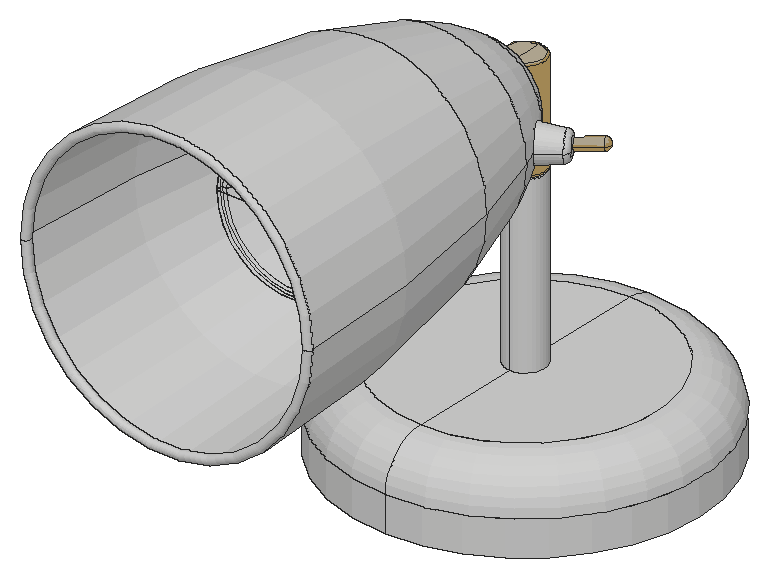
Revit family "Lighting_Wall-Mounted_Nordlux_Nexus_2.0", category Lighting Fixtures, host Face, Revit 2017
Family settings
  Host = Face
  Round Connector Dimension = Use Diameter
  Part Type = Normal
  OmniClass Number = 23.80.70.00
  OmniClass Title = Lighting
  Cut with Voids When Loaded = No
  Light Source = Yes
  Shared = No
  Room Calculation Point = No
Parameters (values of type "Nexus 2.0 Wall - white")
  Wattage = 1.34642 W
  WarrantyStartDate [instance] = "n/a"
  WarrantyGuarantorParts = "n/a"
  WarrantyGuarantorLabor = "n/a"
  WarrantyDurationUnit = "Hours"
  WarrantyDurationParts = "n/a"
  WarrantyDurationLabor = "n/a"
  WarrantyDescription = "n/a"
  built-in parameter 1150110 = 1 (stored number, unit not read)
  VersionDate = "01/07/2020"  # constant formula
  Version = "2"  # constant formula
  UsageCurrent = 0 A
  Uniclass2015Reference = "Pr_70_70_48_85"
  Uniclass2015Description = "Surface luminaires"
  Uniclass2 = "Pr_70_70_48_85"
  URL = "https://www.nordlux.com/products/product/2020601001"
  Type Comments = ""
  TotalWattage = 6 W
  built-in parameter 1114217 = 1 (stored number, unit not read)
  Tilt Angle = 90.00°
  built-in parameter 1150109 = 1 (stored number, unit not read)
  built-in parameter 1150134 = (empty or 0)
  TagNumber [instance] = "n/a"
  SustainabilityPerformance = "n/a"
  built-in parameter 1150113 = 1 (stored number, unit not read)
  Socket = "GU10"
  Size = "Shade: 100x100x150 mm / Base mount 120x120x27 mm"  # constant formula
  Shape = "Sculptured"
  SerialNumber [instance] = "n/a"
  Revision = "1"  # constant formula
  ReplacementCost = "n/a"
  ProductInformation = "n/a"
  ProductDatasheet = "http://pim.skypim.com/show?objectid=327144221&template=ORG"
  Product data url = "https://www.bimobject.com/nordlux/product/nexus_10_wall"
  Photometric Web File = "7727 Nexus 10 Væg.ies"
  PhaseReference = "n/a"
  PhaseAngle = 0.00°
  NumberOfSources = 0
  NumberOfPoles = 1
  built-in parameter 1150142 = "IESNA:LM-63-2002\r\n[TEST] Viso LabSpion - serial: 3247052577 sensor serial: 0408532695\r\n[TESTLAB] Viso LabSpion - serial: 3247052577 sensor serial: 0408532695 - Test lab\r\n[MANUFAC] Nordlux\r\n[ISSUEDATE] 28-05-2019\r\n[LUMINAIRE] 7727 Nexus 10 Væg\r\n[LUMCAT] B2019122\r\n[_SERIALNUMBER] VFR-190528-0303-MS\r\nTILT=NONE\r\n1 161 1 46 1 1 2 -0.09 -0.09 0.28\r\n1.0 1.0 3.10\r\n0 4 8 12 16 20 24 28 32 36 40 44 48 52 56 60 64 68 72 76 80 84 88 92 96 100 104 108 112 116 120 124 128 132 136 140 144 148 152 156 160 164 168 172 176 180\r\n0 \r\n78.871 78.7182 77.9353 76.5187 74.3877 71.5395 67.8311 63.2778 57.9172 51.7097 44.9194 37.9904 31.4597 25.6346 20.6191 16.3551 12.7384 9.6594 6.9399 4.6376 2.8392 1.5355 0.5661 0.3039 0.3129 0.2936 0.3232 0.2669 0.2959 0.3003 0.3266\r\n 0.3239 0.3009 0.2981 0.2846 0.2688 0.2834 0.2883 0.3047 0.3356 0.3054 0.3239 0.3352 0.3141 0.2968 0.3137\r\n"
  NominalWidth = 120 mm
  NominalVoltageCalc = 0 V
  NominalVoltage = 230 V
  NominalRadius = NominalDiameter / 2  # 50 mm
  NominalLength = 215.4 mm
  NominalHeight = 165.5 mm
  NominalFrequencyRange = 50 Hz
  NominalDiameter = 100 mm
  NominalCurrent = 0 A
  Name = "Nordlux_Nexus_2.0"  # constant formula
  NBSReference = "90-60-50/405"
  NBSDescription = "General purpose luminaires"
  ModelReference = ArticleNumber  # "2020601001"
  ModelNumber = "n/a"
  Model = "Nexus 2.0 Wall - white"
  Material = "Metal"
  ManufacturersSpecificInformation = "n/a"
  ManufacturerURL = "https://www.nordlux.com/"
  ManufacturerName = "Nordlux"
  Manufacturer = "Nordlux"
  MaintenanceFactor = 0
  built-in parameter 1150105 = 97.976 (stored number, unit not read)
  Lumens = 200 lm
  built-in parameter 1150115 = 1 (stored number, unit not read)
  LightSource = "Incl. 3W LED SMD"
  LightFixtureSecondaryMaterial = Brass
  LightFixturePlacingType = "Wall"
  LightFixtureMountingType = "Surface"
  LightFixtureMainMaterial = White
  built-in parameter 1150137 = (empty or 0)
  built-in parameter 1150139 = (empty or 0)
  LensMaterial = Glass
  built-in parameter 1150112 = 1 (stored number, unit not read)
  built-in parameter 1150114 = 1 (stored number, unit not read)
  InsulationStandardClass = "Class 2 (Double isolated)"
  InstallationDate [instance] = "n/a"
  built-in parameter 1150132 = 2
  built-in parameter 1150102 = (empty or 0)
  built-in parameter 1150107 = 2700 (stored number, unit not read)
  built-in parameter 1150138 = (empty or 0)
  built-in parameter 1150106 = 0.97976 (stored number, unit not read)
  IfcExportType = "NOTDEFINED"  # constant formula
  IfcExportAs = "IfcLightFixtureType"  # constant formula
  IP_Code = "IP20"
  HasProtectiveEarth = no
  Grade = "n/a"
  Finish = "Satin soft, matt surface. On/off switch in solid brushed brass. Primary material metal, textile cable."
  Features = "White textile cable 180cm. Cable can be replaced."
  ExpectedLife = "25000"
  EnergyClass = "A++ - A"
  Emit from Circle Diameter = 50 mm
  Emit Shape Visible in Rendering = no
  ElectricalDeviceNominalPower = 0
  built-in parameter 1150104 = 13.8 (stored number, unit not read)
  EANNumber = "5704924002366"
  DurationUnit = "Hours"
  Dimming Lamp Color Temperature Shift = <None>
  Designer = "Bonnelycke MDD"
  Description = "NEXUS is an exciting series that epitomises Nordic cool. The details tell the story of a light with an opulent design, for example, the toggle switch in the best retro style, and the elegant rotatable joint in solid brass."
  Default Elevation = 0 mm
  ConvergoRefNr = "0143-1909-0018-DK"  # constant formula
  Constituents = "n/a"
  ColourIndexRA = "80"
  Color Filter = 16777215
  Color = "White RAL7047"
  Collection = "Nexus 2.0"
  CodePerformance = "n/a"
  Category = "Indoor lighting"
  Brand = "n/a"
  Barcode [instance] = "n/a"
  built-in parameter 1114218 = 1 (stored number, unit not read)
  BIMObjectName = "Lighting_Wall-Mounted_Nordlux_Nexus_2.0"  # constant formula
  Author = "Convergo AB"  # constant formula
  built-in parameter 1150133 = 10 (stored number, unit not read)
  AssetType = "Fixed"
  AssetIdentifier [instance] = "n/a"
  ArticleNumber = "2020601001"
  AccessibilityPerformance = "n/a"
Types (3, lengths in mm): name | URL | ProductDatasheet | ModelReference | Model | LightFixtureMainMaterial | Features | EANNumber | Color | ArticleNumber
  (no name) | "https://www.nordlux.com/products/product/2020601001" | "http://pim.skypim.com/show?objectid=327144221&template=ORG" | "2020601001" | "Nexus 2.0 Wall - white" | White | "White textile cable 180cm. Cable can be replaced." | "5704924002366" | "White RAL7047" | "2020601001"
  Nexus 2.0 Wall - white | "https://www.nordlux.com/products/product/2020601001" | "http://pim.skypim.com/show?objectid=327144221&template=ORG" | "2020601001" | "Nexus 2.0 Wall - white" | White | "White textile cable 180cm. Cable can be replaced." | "5704924002366" | "White RAL7047" | "2020601001"
  Nexus 2.0 Wall - black | "https://www.nordlux.com/products/product/2020601003" | "http://pim.skypim.com/show?objectid=327148333&template=ORG" | "2020601003" | "Nexus 2.0 Wall - black" | Black | "Black textile cable 180cm. Cable can be replaced." | "5704924002373" | "Black RAL9005" | "2020601003"
Reference planes
  plane 1 "Center (Front/Back)": y = 0
  plane 2: z = 0
  plane 3 "Center (Left/Right)": x = 0
  plane 4: y = 107.7
  plane 5: y = -107.7
  plane 6: z = 165.5
  plane 7: x = 60
  plane 8: x = -60
Forms (mm)
  Extrusion 1, solid, material "White" <- "LightFixtureMainMaterial", detail levels coarse
    sketch origin (0, 0, 0) x (1, 0, 0) y (0, 1, 0)
      loop
        line (-60, 107.7) -> (-60, -107.7) -> (60, -107.7) -> (60, 107.7) -> (-60, 107.7)
    from 0 to 165.5
Dimensions and locks
  equal spacing: plane 8, plane 3 "Center (Left/Right)", plane 7
  equal spacing: plane 4, plane 1 "Center (Front/Back)", plane 5
  "NominalLength": plane 4 to plane 5
  "NominalWidth": plane 8 to plane 7
  "NominalHeight": plane 6 to plane 2
  aligned and locked: plane 2 to host face
  aligned and locked: level to host face
  aligned and locked: Extrusion 1 sketch curve to plane 8
  aligned and locked: Extrusion 1 sketch curve to plane 7
  aligned and locked: Extrusion 1 sketch curve to plane 4
  aligned and locked: Extrusion 1 sketch curve to plane 5
  aligned and locked: Extrusion 1 to plane 6
  aligned and locked: nested 1 to plane 2
  aligned and locked: plane 3 "Center (Left/Right)" to nested 1
  aligned and locked: plane 5 to nested 1
  aligned and locked: imposter light to nested 1  (x2)
Automatic sketch dimensions
  host sketch curve to host sketch curve = 2438.4 mm  (x2)
Nested families
  nested 1: "Nexus_10_Wall" at (0, -107.7, 115.5) x (1, 0, 0) z (0, 1, 0), Glass <- "LensMaterial", Metal <- "LightFixtureMainMaterial", Secondary <- "LightFixtureSecondaryMaterial", type "Nexus_10_Wall"
    with Secondary Brass, Metal White, Glass Glass
Connectors
  electrical at (0, 47.746, 0), driven by "NominalVoltage"
    settings: on nested 1, index 1, voltage 230 V, apparent load 0 VA, apparent load phase1 0 VA, apparent load phase2 0 VA, apparent load phase3 0 VA, power factor 1, load classification "Other", number of poles 1, system type 31, power factor state 1, is connector primary yes, connector utility no, sub classification motor no, connector description ""
Definition of nested family "Nexus_10_Wall"
  Parameters (values of type "Nexus_10_Wall")
    Secondary [instance] = none
    Metal [instance] = none
    Glass [instance] = none
    Default Elevation = 1219.2 mm
  Reference planes
    plane 1 "Center (Front/Back)": y = 0
    plane 2: z = 0
    plane 3 "Center (Left/Right)": x = 0
    plane 4: z = 53.858
  Forms (mm)
    Revolve 1, solid, material <- "Metal", detail levels medium+fine
      sketch origin (0, 0, 0) x (1, 0, 0) y (0, 0, 1)
        loop
          arc (-50.023, 1.505) -> (-47.259, 0.654) -> (-49.031, 2.94) r 1.517
          arc (-49.031, 2.94) -> (-46.731, 45.889) -> (-39.528, 88.292) r 374.905
          arc (-39.528, 88.292) -> (-36.536, 99.677) -> (-32.838, 110.853) r 188.136
          line (-32.838, 110.853) -> (0, 110.853) -> (0, 111.853) -> (-32.469, 111.853)
          arc (-32.469, 111.853) -> (-31.647, 114.018) -> (-30.799, 116.173) r 188.136
          arc (-30.799, 116.173) -> (-26.224, 126.009) -> (-20.61, 135.292) r 100.011
          arc (-20.61, 135.292) -> (-16.716, 140.172) -> (-12.135, 144.414) r 41.521
          arc (-12.135, 144.414) -> (-9.968, 145.935) -> (-7.637, 147.189) r 22.299
          arc (-7.637, 147.189) -> (-4.697, 149.186) -> (-2.549, 152.017) r 10.98
          line (-2.549, 152.017) -> (0, 152.017) -> (0, 153.017) -> (-3.171, 153.017)
          arc (-3.171, 153.017) -> (-5.173, 150.118) -> (-8.058, 148.096) r 9.98
          arc (-8.058, 148.096) -> (-10.494, 146.786) -> (-12.757, 145.197) r 23.299
          arc (-12.757, 145.197) -> (-17.449, 140.853) -> (-21.436, 135.855) r 42.521
          arc (-21.436, 135.855) -> (-27.106, 126.479) -> (-31.727, 116.544) r 101.011
          arc (-31.727, 116.544) -> (-36.66, 102.701) -> (-40.502, 88.516) r 189.136
          arc (-40.502, 88.516) -> (-47.804, 45.288) -> (-50.023, 1.505) r 375.905
        axis (0, 153.017) -> (0, 1.505)
      angle from 0 to 360
    Revolve 2, solid, material <- "Glass", detail levels medium+fine
      sketch origin (0, 0, 0) x (1, 0, 0) y (0, 0, 1)
        loop
          line (-24.486, 53.859) -> (0, 53.859) -> (0, 100.856) -> (-10.434, 100.856) -> (-10.434, 75.09)
          arc (-10.434, 75.09) -> (-18.584, 66.865) -> (-22.992, 56.159) r 29.858
          line (-22.992, 56.159) -> (-24.486, 56.159)
          arc (-24.486, 56.159) -> (-24.84, 56.012) -> (-24.986, 55.659) r 0.5
          line (-24.986, 55.659) -> (-24.986, 54.359)
          arc (-24.986, 54.359) -> (-24.84, 54.005) -> (-24.486, 53.859) r 0.5
        axis (0, 100.856) -> (0, 53.859)
      angle from 0 to 360
    Revolve 3, solid, material <- "Metal", detail levels medium+fine
      sketch origin (0, 0, 0) x (1, 0, 0) y (0, 0, 1)
        loop
          line (-13.429, 94.856) -> (0, 94.856) -> (0, 110.853) -> (-13.429, 110.853)
          arc (-13.429, 110.853) -> (-13.783, 110.706) -> (-13.929, 110.353) r 0.5
          line (-13.929, 110.353) -> (-13.929, 95.356)
          arc (-13.929, 95.356) -> (-13.783, 95.002) -> (-13.429, 94.856) r 0.5
        axis (0, 110.853) -> (0, 94.856)
      angle from 0 to 360
    Revolve 4, solid, material <- "Metal", detail levels medium+fine
      sketch origin (0, 0, 0) x (0, 1, 0) y (0, 0, 1)
        loop
          line (115.5, 155.446) -> (115.5, 215.446) -> (103.5, 215.446)
          arc (103.5, 215.446) -> (92.894, 211.053) -> (88.5, 200.446) r 15
          line (88.5, 200.446) -> (88.5, 155.446) -> (115.5, 155.446)
        axis (88.5, 155.446) -> (115.5, 155.446)
      angle from 0 to 360
    Revolve 5, solid, material <- "Metal", detail levels medium+fine
      sketch origin (0, 0, 0) x (0, 1, 0) y (0, 0, 1)
        loop
          line (92.906, 155.446) -> (92.906, 160.466) -> (88.5, 160.466) -> (88.5, 161.946) -> (29, 161.946)
          arc (29, 161.946) -> (28.647, 161.8) -> (28.5, 161.446) r 0.5
          line (28.5, 161.446) -> (28.5, 155.446) -> (92.906, 155.446)
        axis (28.5, 155.446) -> (92.906, 155.446)
      angle from 0 to 360
    Revolve 6, solid, material <- "Metal", detail levels medium+fine
      sketch origin (0, 0, 0) x (1, 0, 0) y (0, 0, 1)
        loop
          line (34.744, 132.343) -> (33.329, 134.897)
          arc (33.329, 134.897) -> (32.263, 135.806) -> (30.863, 135.794) r 2
          line (30.863, 135.794) -> (21.034, 132.021) -> (24.363, 126.589) -> (34.744, 132.343)
        axis (24.119, 126.454) -> (34.744, 132.343)
      angle from 0 to 360
    Revolve 7, solid, material <- "Secondary", detail levels medium+fine
      sketch origin (0, 0, 0) x (1, 0, 0) y (0, 0, 1)
        loop
          line (27.43, 129.738) -> (28.386, 128.6) -> (42.162, 140.174)
          arc (42.162, 140.174) -> (40.75, 140.896) -> (39.25, 140.38) r 2.027
          line (39.25, 140.38) -> (27.43, 129.738)
        axis (42.162, 140.174) -> (28.386, 128.6)
      angle from 0 to 360
    Revolve 8, solid, material <- "Secondary", detail levels medium+fine
      sketch origin (0, 0, 0) x (0, 1, 0) y (0, 0, 1)
        loop
          line (28.5, 155.446) -> (28.5, 161.446)
          arc (28.5, 161.446) -> (28.354, 161.8) -> (28, 161.946) r 0.5
          line (28, 161.946) -> (17, 161.946)
          arc (17, 161.946) -> (16.646, 161.8) -> (16.5, 161.446) r 0.5
          arc (16.5, 161.446) -> (16.354, 161.8) -> (16, 161.946) r 0.5
          line (16, 161.946) -> (-6, 161.946)
          arc (-6, 161.946) -> (-6.354, 161.8) -> (-6.5, 161.446) r 0.5
          line (-6.5, 161.446) -> (-6.5, 155.446) -> (28.5, 155.446)
        axis (-6.5, 155.446) -> (28.5, 155.446)
      angle from 0 to 360
  Cuts and joins
    joined: Revolve 1, Revolve 6
  Lines and regions (mm)
    symbolic lines, detail levels medium+fine
      curve 1: line (-48.506, 0, 0) -> (0, 0, 0)
      curve 2: arc (-50.023, 0, 1.505) -> (-47.804, 0, 45.288) -> (-40.502, 0, 88.516) r 375.905
      curve 3: arc (-40.502, 0, 88.516) -> (-38.126, 0, 97.783) -> (-35.285, 0, 106.918) r 189.136
      curve 8: arc (-48.506, 0, 0) -> (-49.574, 0, 0.44) -> (-50.023, 0, 1.505) r 1.517
      curve 9: line (48.506, 0, 0) -> (0, 0, 0)
      curve 10: arc (50.023, 0, 1.505) -> (47.804, 0, 45.288) -> (40.502, 0, 88.516) r 375.905
      curve 11: arc (40.502, 0, 88.516) -> (38.126, 0, 97.783) -> (35.285, 0, 106.918) r 189.136
      curve 16: arc (48.506, 0, 0) -> (49.574, 0, 0.44) -> (50.023, 0, 1.505) r 1.517
      curve 17: arc (0, 8.058, 148.096) -> (0, 7.297, 148.489) -> (0, 6.572, 148.946) r 9.98
      curve 18: arc (0, 12.757, 145.197) -> (0, 10.494, 146.786) -> (0, 8.058, 148.096) r 23.299
      curve 19: arc (0, 21.436, 135.855) -> (0, 17.449, 140.853) -> (0, 12.757, 145.197) r 42.521
      curve 20: arc (0, 31.727, 116.544) -> (0, 27.106, 126.479) -> (0, 21.436, 135.855) r 101.011
      curve 21: arc (0, 40.502, 88.516) -> (0, 36.66, 102.701) -> (0, 31.727, 116.544) r 189.136
      curve 22: arc (0, 50.023, 1.505) -> (0, 47.804, 45.288) -> (0, 40.502, 88.516) r 375.905
      curve 23: arc (0, 48.506, 0) -> (0, 49.574, 0.44) -> (0, 50.023, 1.505) r 1.517
      curve 24: line (0, 48.506, 0) -> (0, 0, 0)
      curve 25: arc (0, -8.058, 148.096) -> (0, -7.258, 148.511) -> (0, -6.5, 148.997) r 9.98
      curve 26: arc (0, -12.757, 145.197) -> (0, -10.494, 146.786) -> (0, -8.058, 148.096) r 23.299
      curve 27: arc (0, -21.436, 135.855) -> (0, -17.449, 140.853) -> (0, -12.757, 145.197) r 42.521
      curve 28: arc (0, -31.727, 116.544) -> (0, -27.106, 126.479) -> (0, -21.436, 135.855) r 101.011
      curve 29: arc (0, -40.502, 88.516) -> (0, -36.66, 102.701) -> (0, -31.727, 116.544) r 189.136
      curve 30: arc (0, -50.023, 1.505) -> (0, -47.804, 45.288) -> (0, -40.502, 88.516) r 375.905
      curve 31: arc (0, -48.506, 0) -> (0, -49.574, 0.44) -> (0, -50.023, 1.505) r 1.517
      curve 32: line (0, -48.506, 0) -> (0, 0, 0)
      curve 33: arc (-6.5, 49.599, 0) -> (0, -50.023, 0) -> (6.5, 49.599, 0) r 50.023
      curve 35: line (0, 88.5, 148.946) -> (0, 29, 148.946)
      curve 38: line (0, 28, 148.946) -> (0, 17, 148.946)
      curve 39: line (0, 16, 148.946) -> (0, 6.572, 148.946)
      curve 40: arc (0, 28.5, 149.446) -> (0, 28.647, 149.093) -> (0, 29, 148.946) r 0.5
      curve 41: arc (0, 28.5, 149.446) -> (0, 28.354, 149.093) -> (0, 28, 148.946) r 0.5
      curve 42: arc (0, 17, 148.946) -> (0, 16.646, 149.093) -> (0, 16.5, 149.446) r 0.5
      curve 43: arc (0, 16.5, 149.446) -> (0, 16.354, 149.093) -> (0, 16, 148.946) r 0.5
      curve 44: line (0, 88.5, 161.946) -> (0, 29, 161.946)
      curve 45: line (0, 28, 161.946) -> (0, 17, 161.946)
      curve 46: line (0, 16, 161.946) -> (0, -6, 161.946)
      curve 47: arc (0, 28.5, 161.446) -> (0, 28.647, 161.8) -> (0, 29, 161.946) r 0.5
      curve 48: arc (0, 28.5, 161.446) -> (0, 28.354, 161.8) -> (0, 28, 161.946) r 0.5
      curve 49: arc (0, 17, 161.946) -> (0, 16.646, 161.8) -> (0, 16.5, 161.446) r 0.5
      curve 50: arc (0, 16.5, 161.446) -> (0, 16.354, 161.8) -> (0, 16, 161.946) r 0.5
      curve 51: line (0, 88.5, 161.946) -> (0, 88.5, 201.671)
      curve 52: line (0, 115.5, 215.446) -> (0, 115.5, 95.446)
      curve 53: line (0, 115.5, 95.446) -> (0, 103.5, 95.446)
      curve 54: line (0, 115.5, 215.446) -> (0, 103.5, 215.446)
      curve 55: arc (0, 103.5, 215.446) -> (0, 93.317, 211.48) -> (0, 88.5, 201.671) r 15.054
      curve 56: arc (0, 103.5, 95.446) -> (0, 93.317, 99.413) -> (0, 88.5, 109.222) r 15.054
      curve 57: line (0, 88.5, 109.222) -> (0, 88.5, 148.946)
      curve 59: line (0, -6.5, 161.446) -> (0, -6.5, 148.997)
      curve 60: arc (0, -6, 161.946) -> (0, -6.354, 161.8) -> (0, -6.5, 161.446) r 0.5
      curve 62: arc (35.285, 0, 106.918) -> (0, 0, 215.446) -> (-35.285, 0, 106.918) r 60
      curve 77: line (-60, 115.5, 0) -> (0, 115.5, 0)
      curve 78: line (-60, 103.5, 0) -> (-60, 115.5, 0)
      curve 79: arc (-45, 88.5, 0) -> (-55.607, 92.894, 0) -> (-60, 103.5, 0) r 15
      curve 80: line (-45, 88.5, 0) -> (-6.5, 88.5, 0)
      curve 82: line (-6.5, 88.5, 0) -> (-6.5, 49.599, 0)
      curve 83: line (60, 115.5, 0) -> (0, 115.5, 0)
      curve 84: line (60, 103.5, 0) -> (60, 115.5, 0)
      curve 85: arc (45, 88.5, 0) -> (55.607, 92.894, 0) -> (60, 103.5, 0) r 15
      curve 86: line (45, 88.5, 0) -> (6.5, 88.5, 0)
      curve 87: line (6.5, 88.5, 0) -> (6.5, 49.599, 0)
    symbolic lines, detail levels fine
      curve 4: arc (-31.727, 0, 116.544) -> (-27.106, 0, 126.479) -> (-21.436, 0, 135.855) r 101.011
      curve 5: arc (-21.436, 0, 135.855) -> (-17.449, 0, 140.853) -> (-12.757, 0, 145.197) r 42.521
      curve 6: arc (-12.757, 0, 145.197) -> (-10.494, 0, 146.786) -> (-8.058, 0, 148.096) r 23.299
      curve 7: arc (-8.058, 0, 148.096) -> (-6.152, 0, 149.254) -> (-4.551, 0, 150.806) r 9.98
      curve 12: arc (31.727, 0, 116.544) -> (27.106, 0, 126.479) -> (21.436, 0, 135.855) r 101.011
      curve 13: arc (21.436, 0, 135.855) -> (17.449, 0, 140.853) -> (12.757, 0, 145.197) r 42.521
      curve 14: arc (12.757, 0, 145.197) -> (10.494, 0, 146.786) -> (8.058, 0, 148.096) r 23.299
      curve 15: arc (8.058, 0, 148.096) -> (6.152, 0, 149.254) -> (4.551, 0, 150.806) r 9.98
      curve 34: circle (0, 0, 0) r 46.99 normal (0, 0, 1)
      curve 36: line (0, 28.5, 149.446) -> (0, 28.5, 161.446)
      curve 37: line (0, 16.5, 149.446) -> (0, 16.5, 161.446)
      curve 58: line (0, 88.5, 148.946) -> (0, 88.5, 161.946)
      curve 61: arc (0, 6.572, 148.946) -> (0, 0.043, 150.86) -> (0, -6.5, 148.997) r 12.253
      curve 63: line (30.863, 0, 135.794) -> (23.365, 0, 132.916)
      curve 64: arc (33.329, 0, 134.897) -> (32.263, 0, 135.806) -> (30.863, 0, 135.794) r 2
      curve 65: line (33.329, 0, 134.897) -> (34.744, 0, 132.343)
      curve 66: line (39.25, 0, 140.38) -> (33.273, 0, 134.998)
      curve 67: arc (42.162, 0, 140.174) -> (40.75, 0, 140.896) -> (39.25, 0, 140.38) r 2.027
      curve 68: line (41.863, 0, 137.271) -> (34.995, 0, 131.891)
      curve 69: arc (42.162, 0, 140.174) -> (42.629, 0, 138.659) -> (41.863, 0, 137.271) r 2.027
      curve 70: line (35.613, 0, 127.223) -> (29.2, 0, 122.39)
      curve 71: arc (36.159, 0, 129.79) -> (36.366, 0, 128.405) -> (35.613, 0, 127.223) r 2
      curve 72: line (36.159, 0, 129.79) -> (34.744, 0, 132.343)
      curve 73: arc (-4.551, 0, 150.806) -> (0, 0, 148.946) -> (4.551, 0, 150.806) r 6.5
      curve 74: arc (4.551, 0, 150.806) -> (0, 0, 161.946) -> (-4.551, 0, 150.806) r 6.5
      curve 75: arc (-35.285, 0, 106.918) -> (-33.571, 0, 111.756) -> (-31.727, 0, 116.544) r 189.136
      curve 76: arc (35.285, 0, 106.918) -> (33.571, 0, 111.756) -> (31.727, 0, 116.544) r 189.136
      curve 81: line (-6.5, 88.5, 0) -> (0, 88.5, 0)
      curve 88: arc (6.5, 49.599, 0) -> (0, 50.023, 0) -> (-6.5, 49.599, 0) r 50.023
      curve 89: line (6.5, 88.5, 0) -> (0, 88.5, 0)
      curve 90: circle (0, 0, 0) r 25 normal (0, 0, 1)
  Dimensions and locks
    aligned and locked: level to plane 2
